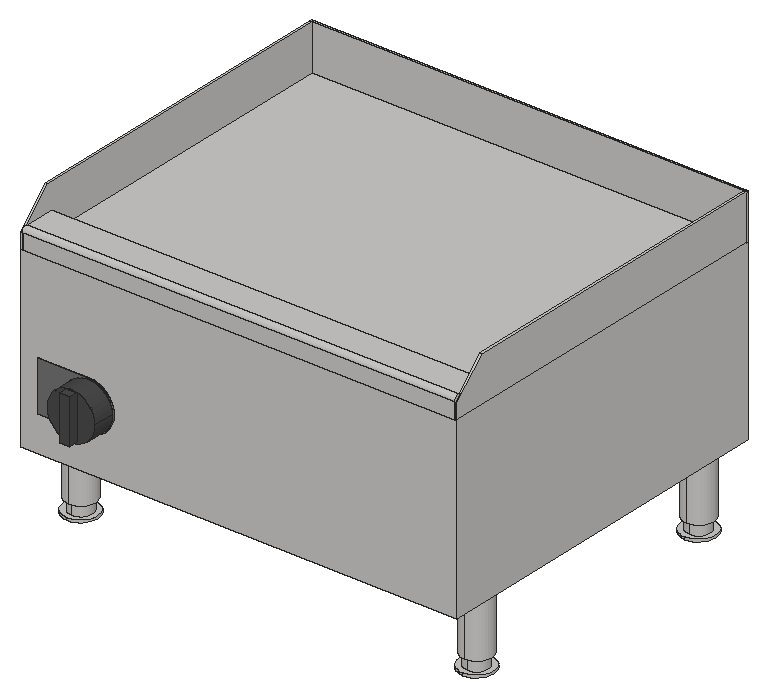
Revit family "QF_Vollrath_40716", category Specialty Equipment, Revit 2016
Family settings
  Part Type = Normal
  Round Connector Dimension = Use Diameter
  OmniClass Number = 23.40.40.14.17.14
  OmniClass Title = Hot Plates
  Work Plane-Based = No
  Always vertical = Yes
  Cut with Voids When Loaded = No
  Shared = No
  Room Calculation Point = No
Parameters
  Width [instance] = 2' - 0"
  Weight in Pounds = 78
  Watts = 3000 W
  Watermarked By = "http://revitwatermark.com"
  Volts = 220 V
  URL Cutsheet = ""
  URL = ""
  Status [instance] = ""
  Specification by User [instance] = ""
  Specification by Manufacturer [instance] = ""
  Serial Number [instance] = ""
  Seismic Rating [instance] = ""
  Revision Code [instance] = ""
  Phase = 1
  Number of Poles = 1
  NAFEM Spec ID Number [instance] = ""
  Model = "40716"
  Mechanical Remarks [instance] = ""
  Mechanical Connection Type [instance] = ""
  Masterspec [instance] = ""
  Manufacturer = "Vollrath"
  Length [instance] = 1' - 8"
  Item Number [instance] = "-"
  Installed By [instance] = ""
  Height AFF [instance] = 2' - 10"
  Furnished By [instance] = ""
  Foodservice Equipment Identifier [instance] = yes
  FL Amps = 13.6 A
  Electrical Remarks = ""
  Electric Connection Type = ""
  Elec Conn RI Height = 0' - 0"
  Elec Conn Connection Height = 0' - 0"
  Description = "Electric Giddle"
  Cycle = 60 Hz
  Conn Plug = "NEMA 6-15P"
  Assembly Code = "E1090320"
  Apparent Power = 0 VA
Reference planes (in)
  plane 1: z = 0
  plane 2 "BOTTOM": z = 34
  plane 3 "LEFT CLEARANCE": x = -30.72076
  plane 4 "RIGHT CLEARANCE": x = 5.27924
  plane 5 "BACK CLEARANCE": y = 6
  plane 6 "FRONT": y = -20
  plane 7 "Top of Legs": z = 38
  plane 8: x = -24.72076
  plane 9: x = -0.72076
  plane 10 "BACK": y = 0
  plane 11: z = 37.75
  plane 12: z = 37.5
  plane 13: x = -22.40972
  plane 14: x = -18.72076
  plane 15: x = -15.03179
  plane 16: z = 49.5
  plane 17: z = 48.86814
  plane 18: z = 49.875
  plane 19: z = 39.5
  plane 20: x = -12.84576
  plane 21: y = -0.125
  plane 22: x = -24.59576
  plane 23: z = 64.625
  plane 24: z = 47.75
  plane 25: y = -14.25
  plane 26 "TOP": z = 50.25
Forms (in)
  Extrusion 1, solid, material "QF_Finishes_Stainless Steel"
    sketch origin (0, 0, 34) x (0, 1, 0) y (-1, 0, 0)
      loop
        circle (-2, 23.59576) r 0.9375
    from 0 to 0.125
  Extrusion 2, solid, material "QF_Finishes_Stainless Steel"
    sketch origin (0, 0, 34) x (0, 1, 0) y (-1, 0, 0)
      loop
        circle (-2, 23.59576) r 0.625
    from 0.125 to 0.75
  Extrusion 3, solid, material "QF_Finishes_Stainless Steel"
    sketch origin (0, 0, 34) x (0, 1, 0) y (-1, 0, 0)
      loop
        circle (-2, 23.59576) r 0.8125
    from 0.75 to 4
  Extrusion 4, solid, material "QF_Finishes_Stainless Steel"
    sketch origin (33.375, 0, 34) x (0, 1, 0) y (-1, 0, 0)
      loop
        circle (-2, 35.22076) r 0.9375
    from 0 to 0.125
  Extrusion 5, solid, material "QF_Finishes_Stainless Steel"
    sketch origin (33.375, 0, 34) x (0, 1, 0) y (-1, 0, 0)
      loop
        circle (-2, 35.22076) r 0.625
    from 0.125 to 0.75
  Extrusion 6, solid, material "QF_Finishes_Stainless Steel"
    sketch origin (33.375, 0, 34) x (0, 1, 0) y (-1, 0, 0)
      loop
        circle (-2, 35.22076) r 0.8125
    from 0.75 to 4
  Extrusion 7, solid, material "QF_Finishes_Stainless Steel"
    sketch origin (33.375, -27.25, 34) x (0, 1, 0) y (-1, 0, 0)
      loop
        circle (10, 35.22076) r 0.9375
    from 0 to 0.125
  Extrusion 8, solid, material "QF_Finishes_Stainless Steel"
    sketch origin (33.375, -27.25, 34) x (0, 1, 0) y (-1, 0, 0)
      loop
        circle (10, 35.22076) r 0.625
    from 0.125 to 0.75
  Extrusion 9, solid, material "QF_Finishes_Stainless Steel"
    sketch origin (33.375, -27.25, 34) x (0, 1, 0) y (-1, 0, 0)
      loop
        circle (10, 35.22076) r 0.8125
    from 0.75 to 4
  Extrusion 10, solid, material "QF_Finishes_Stainless Steel"
    sketch origin (0, -27.25, 34) x (0, 1, 0) y (-1, 0, 0)
      loop
        circle (10, 23.59576) r 0.9375
    from 0 to 0.125
  Extrusion 11, solid, material "QF_Finishes_Stainless Steel"
    sketch origin (0, -27.25, 34) x (0, 1, 0) y (-1, 0, 0)
      loop
        circle (10, 23.59576) r 0.625
    from 0.125 to 0.75
  Extrusion 12, solid, material "QF_Finishes_Stainless Steel"
    sketch origin (0, -27.25, 34) x (0, 1, 0) y (-1, 0, 0)
      loop
        circle (10, 23.59576) r 0.8125
    from 0.75 to 4
  Extrusion 13, solid, material "QF_Finishes_Stainless Steel"
    sketch origin (0, 0, 34) x (0, 1, 0) y (-1, 0, 0)
      loop
        line (0, 24.72076) -> (-20, 24.72076) -> (-20, 0.72076) -> (0, 0.72076) -> (0, 24.72076)
    from 4 to 13.75
  Extrusion 14, solid, material "QF_Finishes_Black"
    sketch origin (0.75, 5.04599, -2) x (1, 0, 0) y (0, 0, 1)
      loop
        circle (-21.70789, 43.38697) r 1.31289
    from 25.04599 to 26.25
  Extrusion 15, solid, material "QF_Finishes_Black"
    sketch origin (0.91646, 5.04599, -2) x (1, 0, 0) y (0, 0, 1)
      loop
        line (-22.10719, 44.63767) -> (-22.10719, 42.20063) -> (-21.55452, 42.20063) -> (-21.55452, 44.63767) -> (-22.10719, 44.63767)
    from 26.25 to 26.75
  Extrusion 16, solid, material "QF_Finishes_Clearances", detail levels coarse
    sketch origin (0, 0, 34) x (0, 1, 0) y (-1, 0, 0)
      loop
        line (6, 30.72076) -> (-20, 30.72076) -> (-20, 24.72076) -> (6, 24.72076) -> (6, 30.72076)
    from 0 to 16.25
  Extrusion 17, solid, material "QF_Finishes_Clearances", detail levels coarse
    sketch origin (0, 0, 34) x (0, 1, 0) y (-1, 0, 0)
      loop
        line (6, 0.72076) -> (-20, 0.72076) -> (-20, -5.27924) -> (6, -5.27924) -> (6, 0.72076)
    from 0 to 16.25
  Extrusion 18, solid, material "QF_Finishes_Clearances", detail levels coarse
    sketch origin (0, 0, 34) x (0, 1, 0) y (-1, 0, 0)
      loop
        line (6, 24.72076) -> (0, 24.72076) -> (0, 0.72076) -> (6, 0.72076) -> (6, 24.72076)
    from 0 to 16.25
  Extrusion 19, solid, material "QF_Finishes_Stainless Steel"
    sketch origin (0, 0, 0) x (1, 0, 0) y (0, 0, 1)
      loop
        circle (-15.03179, 39.5) r 0.375
    from -0.37026 to 0
  Extrusion 20, solid, material "QF_Finishes_Stainless Steel"
    sketch origin (-12.72076, 0, 0) x (0, 1, 0) y (0, 0, 1)
      loop
        line (-20, 48.58811) -> (-20, 47.75) -> (0, 47.75) -> (0, 50.25) -> (-18.25687, 50.25) -> (-20, 48.58811)
    from 11.875 to 12
  Extrusion 21, solid, material "QF_Finishes_Stainless Steel"
    sketch origin (-36.59576, 0, 0) x (0, 1, 0) y (0, 0, 1)
      loop
        line (-20, 48.58811) -> (-20, 47.75) -> (0, 47.75) -> (0, 50.25) -> (-18.25687, 50.25) -> (-20, 48.58811)
    from 11.875 to 12
  Extrusion 22, solid, material "QF_Finishes_Stainless Steel"
    sketch origin (-24.72076, 0, 0) x (0, 1, 0) y (0, 0, 1)
      loop
        line (-18.04599, 47.75) -> (-18.04599, 48.86814) -> (-19.72916, 48.86814)
        arc (-19.72916, 48.86814) -> (-19.92067, 48.78882) -> (-20, 48.5973) r 0.27084
        line (-20, 48.5973) -> (-20, 47.75) -> (-18.04599, 47.75)
    from 0.125 to 23.875
  Extrusion 23, solid, material "QF_Finishes_Dark Grey"
    sketch origin (0.75, 0, -2) x (1, 0, 0) y (0, 0, 1)
      loop
        line (-24.45789, 42.01197) -> (-21.70789, 42.01197)
        arc (-21.70789, 42.01197) -> (-20.33289, 43.38697) -> (-21.70789, 44.76197) r 1.375
        line (-21.70789, 44.76197) -> (-24.45789, 44.76197) -> (-24.45789, 42.01197)
      loop
        circle (-21.70789, 43.38697) r 1.31289
    from 20.0563 to 20
  Extrusion 24, solid, material "QF_Finishes_Stainless Steel"
    sketch origin (0, 0, 0) x (1, 0, 0) y (0, 0, 1)
      loop
        line (-0.72076, 50.25) -> (-24.72076, 50.25) -> (-24.72076, 47.75) -> (-0.72076, 47.75) -> (-0.72076, 50.25)
    from 0 to 0.125
Lines and regions (in)
  symbolic lines, style "QF_Clearances", detail levels coarse
    curve 1: line (-30.72076, -20, 34) -> (-30.72076, 6, 34)
    curve 2: line (-30.72076, 6, 34) -> (-24.72076, 6, 34)
    curve 3: line (-24.72076, 6, 34) -> (-0.72076, 6, 34)
    curve 4: line (-0.72076, 6, 34) -> (5.27924, 6, 34)
    curve 5: line (5.27924, 6, 34) -> (5.27924, -20, 34)
  symbolic lines
    curve 6: line (-24.72076, 0, 34) -> (-0.72076, 0, 34)
    curve 7: line (-0.72076, 0, 34) -> (-0.72076, -20, 34)
    curve 8: line (-0.72076, -20, 34) -> (-24.72076, -20, 34)
    curve 9: line (-24.72076, -20, 34) -> (-24.72076, 0, 34)
    curve 10: line (-24.72076, -18.04599, 34) -> (-0.72076, -18.04599, 34)
Dimensions and locks (in)
  "Height AFF": plane 2 "BOTTOM" to level
  plane 3 "LEFT CLEARANCE" to plane 8 = 0' - 6"
  locked: plane 9 to plane 4 "RIGHT CLEARANCE" at 6
  plane 5 "BACK CLEARANCE" to plane 10 "BACK" = 0' - 6"
  "Width": plane 8 to plane 9
  locked: Extrusion 19 sketch curve to plane 7 "Top of Legs" at 1.5
  locked: plane 7 "Top of Legs" to plane 2 "BOTTOM" at 4
  locked: plane 11 to plane 12 at 0.25
  locked: plane 7 "Top of Legs" to plane 11 at 0.25
  plane 19 to plane 7 "Top of Legs" = 0' - 1 1/2"
  locked: plane 17 to plane 19 at 9.36814
  Extrusion 21 to Extrusion 16 = 0' - 6 1/8"
  plane 25 to plane 10 "BACK" = 1' - 2 1/4"
  locked: plane 16 to plane 17 at 0.63186
  locked: plane 18 to plane 16 at 0.375
  locked: plane 18 to plane 26 "TOP" at 0.375
  locked: plane 26 "TOP" to plane 24 at 2.5
  aligned and locked: level to plane 1
  aligned: plane 9 to Extrusion 13 sketch curve
  aligned: Extrusion 13 to plane 9
  aligned: Extrusion 13 to plane 7 "Top of Legs"
  aligned and locked: Extrusion 16 to Extrusion 18
  aligned and locked: Extrusion 17 to Extrusion 16
  aligned and locked: plane 17 to Extrusion 22
  aligned and locked: Extrusion 20 to Extrusion 22
  aligned and locked: Extrusion 21 to Extrusion 22
  aligned and locked: plane 26 "TOP" to Extrusion 17
  aligned and locked: Extrusion 16 to Extrusion 20
  aligned and locked: Extrusion 16 to Extrusion 21
  aligned and locked: Extrusion 24 sketch curve to Extrusion 18
  aligned and locked: Extrusion 24 sketch curve to Extrusion 17
  aligned and locked: Extrusion 24 to plane 21
  aligned and locked: Extrusion 20 to Extrusion 13
  aligned and locked: Extrusion 24 to Extrusion 21
  aligned and locked: Extrusion 21 to plane 24
  aligned and locked: Extrusion 16 to Extrusion 24
Automatic sketch dimensions
  Extrusion 1 sketch curve to plane 21 = 0' - 1 7/8"
  plane 22 to Extrusion 1 sketch curve = 0' - 1"
  Extrusion 2 sketch curve to plane 21 = 0' - 1 7/8"
  plane 22 to Extrusion 2 sketch curve = 0' - 1"
  Extrusion 3 sketch curve to plane 21 = 0' - 1 7/8"
  plane 22 to Extrusion 3 sketch curve = 0' - 1"
  Extrusion 4 sketch curve to plane 21 = 0' - 1 7/8"
  Extrusion 4 sketch curve to plane 20 = 0' - 11"
  Extrusion 5 sketch curve to plane 21 = 0' - 1 7/8"
  Extrusion 5 sketch curve to plane 20 = 0' - 11"
  Extrusion 6 sketch curve to plane 21 = 0' - 1 7/8"
  Extrusion 6 sketch curve to plane 20 = 0' - 11"
  plane 25 to Extrusion 7 sketch curve = 0' - 3"
  Extrusion 7 sketch curve to plane 20 = 0' - 11"
  plane 25 to Extrusion 8 sketch curve = 0' - 3"
  Extrusion 8 sketch curve to plane 20 = 0' - 11"
  plane 25 to Extrusion 9 sketch curve = 0' - 3"
  Extrusion 9 sketch curve to plane 20 = 0' - 11"
  plane 25 to Extrusion 10 sketch curve = 0' - 3"
  plane 22 to Extrusion 10 sketch curve = 0' - 1"
  plane 25 to Extrusion 11 sketch curve = 0' - 3"
  plane 22 to Extrusion 11 sketch curve = 0' - 1"
  plane 25 to Extrusion 12 sketch curve = 0' - 3"
  plane 22 to Extrusion 12 sketch curve = 0' - 1"
  curve 5 to plane 4 "RIGHT CLEARANCE" = 0' - 0"
  curve 5 to plane 6 "FRONT" = 0' - 0"
  curve 9 to plane 6 "FRONT" = 0' - 0"
  curve 1 to plane 3 "LEFT CLEARANCE" = 0' - 0"
  curve 1 to plane 6 "FRONT" = 0' - 0"
  curve 10 to plane 9 = 0' - 0"
  curve 10 to plane 8 = 0' - 0"
  curve 6 to plane 10 "BACK" = 0' - 0"
  curve 4 to plane 5 "BACK CLEARANCE" = 0' - 0"
  curve 3 to plane 9 = 0' - 0"
  curve 2 to plane 8 = 0' - 0"
  curve 7 to curve 10 = 0' - 1.95401"
  Extrusion 13 sketch curve to plane 6 "FRONT" = 0' - 0"
  Extrusion 13 sketch curve to plane 8 = 0' - 0"
  Extrusion 13 sketch curve to plane 10 "BACK" = 0' - 0"
  Extrusion 13 sketch curve to plane 9 = 0' - 0"
  Extrusion 14 sketch curve to Extrusion 14 sketch curve = 0' - 0"  (x2)
  Extrusion 14 sketch curve to plane 13 = 0' - 0.13894"
  Extrusion 14 sketch curve to Extrusion 14 sketch curve = 0' - 1.31289"
  plane 19 to Extrusion 14 sketch curve = 0' - 1.88697"
  Extrusion 15 sketch curve to plane 13 = 0' - 1.21899"
  Extrusion 15 sketch curve to Extrusion 15 sketch curve = 0' - 0.55267"
  plane 19 to Extrusion 15 sketch curve = 0' - 0.70063"
  Extrusion 15 sketch curve to Extrusion 15 sketch curve = 0' - 2.43704"
  Extrusion 16 sketch curve to plane 3 "LEFT CLEARANCE" = 0' - 0"
  Extrusion 16 sketch curve to plane 6 "FRONT" = 0' - 0"
  Extrusion 16 sketch curve to plane 5 "BACK CLEARANCE" = 0' - 0"
  Extrusion 16 sketch curve to plane 8 = 0' - 0"
  Extrusion 17 sketch curve to plane 6 "FRONT" = 0' - 0"
  Extrusion 17 sketch curve to plane 5 "BACK CLEARANCE" = 0' - 0"
  Extrusion 17 sketch curve to plane 4 "RIGHT CLEARANCE" = 0' - 0"
  Extrusion 17 sketch curve to plane 9 = 0' - 0"
  Extrusion 18 sketch curve to plane 8 = 0' - 0"
  Extrusion 18 sketch curve to plane 10 "BACK" = 0' - 0"
  Extrusion 18 sketch curve to plane 5 "BACK CLEARANCE" = 0' - 0"
  Extrusion 18 sketch curve to plane 9 = 0' - 0"
  plane 15 to Extrusion 19 sketch curve = 0' - 0"
  Extrusion 20 sketch curve to plane 6 "FRONT" = 0' - 0"
  Extrusion 20 sketch curve to plane 26 "TOP" = 0' - 0"
  Extrusion 20 sketch curve to plane 10 "BACK" = 0' - 0"
  Extrusion 20 sketch curve to plane 24 = 0' - 0"
  plane 6 "FRONT" to Extrusion 20 sketch curve = 0' - 1.74313"
  Extrusion 20 sketch curve to plane 17 = 0' - 0.28003"
  Extrusion 21 sketch curve to plane 6 "FRONT" = 0' - 0"
  Extrusion 21 sketch curve to plane 26 "TOP" = 0' - 0"
  Extrusion 21 sketch curve to plane 10 "BACK" = 0' - 0"
  Extrusion 21 sketch curve to plane 24 = 0' - 0"
  plane 6 "FRONT" to Extrusion 21 sketch curve = 0' - 1.74313"
  Extrusion 21 sketch curve to plane 17 = 0' - 0.28003"
  Extrusion 22 sketch curve to plane 6 "FRONT" = 0' - 0"
  Extrusion 22 sketch curve to plane 17 = 0' - 0"
  Extrusion 22 sketch curve to plane 24 = 0' - 0"
  plane 6 "FRONT" to Extrusion 22 sketch curve = 0' - 0.27084"
  Extrusion 22 sketch curve to Extrusion 22 sketch curve = 0' - 1.68317"
  Extrusion 23 sketch curve to Extrusion 23 sketch curve = 0' - 0"  (x2)
  plane 22 to Extrusion 23 sketch curve = 0' - 0.88786"
  Extrusion 23 sketch curve to plane 13 = 0' - 1.45183"
  plane 19 to Extrusion 23 sketch curve = 0' - 0.51197"
  Extrusion 23 sketch curve to Extrusion 23 sketch curve = 0' - 1 3/8"
  Extrusion 24 sketch curve to plane 8 = 0' - 0"
  Extrusion 24 sketch curve to plane 24 = 0' - 0"
  radius of Extrusion 1 sketch curve = 0' - 0 15/16"
  radius of Extrusion 2 sketch curve = 0' - 0 5/8"
  radius of Extrusion 3 sketch curve = 0' - 0 13/16"
  radius of Extrusion 4 sketch curve = 0' - 0 15/16"
  radius of Extrusion 5 sketch curve = 0' - 0 5/8"
  radius of Extrusion 6 sketch curve = 0' - 0 13/16"
  radius of Extrusion 7 sketch curve = 0' - 0 15/16"
  radius of Extrusion 8 sketch curve = 0' - 0 5/8"
  radius of Extrusion 9 sketch curve = 0' - 0 13/16"
  radius of Extrusion 10 sketch curve = 0' - 0 15/16"
  radius of Extrusion 11 sketch curve = 0' - 0 5/8"
  radius of Extrusion 12 sketch curve = 0' - 0 13/16"
  radius of Extrusion 19 sketch curve = 0' - 0 3/8"
  radius of Extrusion 23 sketch curve = 0' - 1.31289"
Connectors (in)
  piping at (-15.03179, 0.37026, 39.5), diameter 0.75
    settings: on Extrusion 19, index 1, connector inside diameter 3/4", connector length 0' - 0", flow factor 0, pipe flow 0 GPM, pressure drop 0.00 psi, fitting loss kfactor 0, connector angle 0.00°, fixture units 0, engagement length 0' - 0", angle of deflection 0.00°, flow configuration 1, flow direction 1, fitting loss method 0, system type 22, joint type 0, gender type 0, connector reference index -1, connector utility 0, adjustable connector no, is connector primary yes, connector description "Gas Connection"
